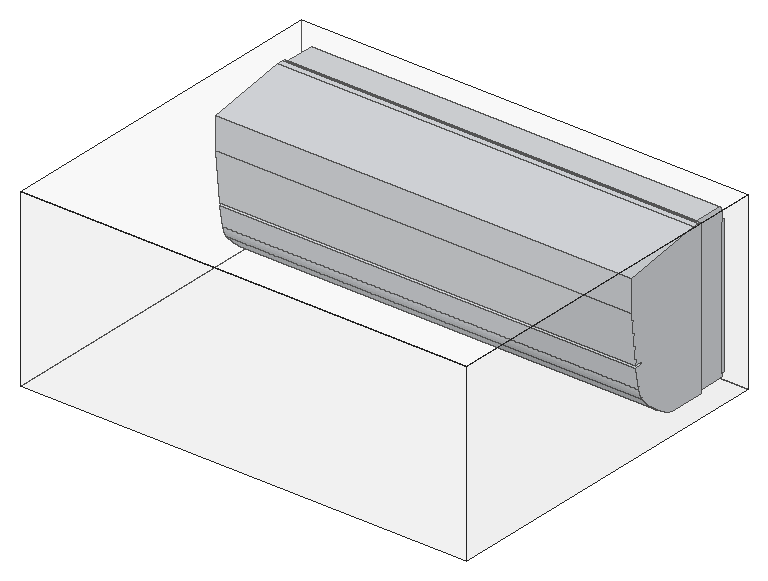
Revit family "msz-gv22_5625_50hz", category 機械設備, Revit 2019
Family settings
  丸型コネクタ寸法 = 直径を使用
  パーツ タイプ = 標準
  OmniClass 番号 = 23.75.10.24.21.27.27
  OmniClass タイトル = Split System Air Conditioning Units
  作業面ベース = いいえ
  常に垂直 = はい
  ロード時にボイドで切り取り = いいえ
  共有 = いいえ
  部屋計算ポイント = いいえ
Parameters (values of type "壁掛_MSZ-GV2225-T-IN")
  風量 = MAX風量  # 635.0 m³/h
  音響パワーレベル(dB) = if([運転音(強冷房)  db] > [運転音(強暖房)  db], [運転音(強冷房)  db], [運転音(強暖房)  db])  # 64
  電源種別 = ""
  電圧_電気ヒーター = 0 V
  電圧 = 100 V
  電動機出力_送風機 = 28.00 W
  運転音(強暖房)  db = 64
  運転音(強冷房)  db = 62
  運転音(弱暖房)  db = 43
  運転音(静冷房)  db = 41
  運転音(弱冷房)  db = 43
  運転音(中暖房)  db = 50
  運転音(中冷房)  db = 51
  運転質量 = 0.00 kg
  連動 = ""
  質量 = if(製品質量 > 運転質量, 製品質量, 運転質量) * 1.2  # 9.60 kg
  負荷分類 = 1 熱源類
  説明 = "ルームエアコン(霧ヶ峰) 　GVシリーズ　室内ユニット"
  設計暖房能力 [instance] = 0.00 kW
  設計冷房能力_顕熱 [instance] = 0 kW
  設計冷房能力 [instance] = 0 kW
  設置方法 = "壁掛 (露出)形"
  記号 [instance] = ""
  製造元 = "三菱電機株式会社"
  製品質量 = 8.00 kg
  製品出荷対象 = "国内"
  製品リリース年月 = "-"
  製品グループ = ""
  系統 [instance] = ""
  符号 = "ACR-WR"
  積算_科目 = "1 空気調和設備"
  積算_拾い区分 [instance] = ""
  相_電気ヒーター = 1
  相 = 1
  盤記号 [instance] = ""
  発停方法 = "付属スイッチ"
  特殊仕様 [instance] = ""
  火災停止 = ""
  消費電力_暖房 = 470.00 W
  消費電力_冷房 = 655.00 W
  消費電力 = 655.00 W
  法定耐用年数 = "6"
  構成品番 = ""
  極数 = 1
  材質 = ""
  本体マテリアル = none
  暖房能力 = 2.20 kW
  暖房 風量 = 635.0 m³/h
  推奨ブレーカー容量 = 0 A
  形式 = "壁掛（露出）形"
  幹線記号 = ""
  始動方式 = "直入"
  呼称 = "パッケージ形空気調和機_室内機"
  周波数 = 50 Hz
  台数_手元リモコン = ""
  参照している仕様書等のバージョン = "公共建築物標準仕様書（機械設備工事編）平成31年度版"
  加湿給水管径 = 0.00 mm
  分類コード = "50053004203000"
  分類グループ = ""
  冷房能力 = 2.2 kW
  冷房 風量 = 635.0 m³/h
  冷媒高低圧ガス管径 = 0.00 mm
  冷媒管径符号 = "Ab"
  冷媒管径 = 100.00 mm
  冷媒液管高さ = 126 mm
  冷媒液管長さ = 85 mm
  冷媒液管径 = 6.35 mm
  冷媒ガス管高さ = 126 mm
  冷媒ガス管長さ = 86 mm
  冷媒ガス管径 = 9.52 mm
  企業コード = "108420"
  付属品 [instance] = ""
  仕様書バージョン = "Version1.0"
  モデル = "MSZ-GV2225-T-IN"
  ドレン管高さ = 190 mm
  ドレン管径 = 16.00 mm
  サービススペース = yes
  コメント [instance] = ""
  【値が 0 の項目は組合せ形名にてご確認ください】 = ""
  Width = 799 mm
  Version = ""
  Uniclass2015Version = "Systems v1.9"
  Uniclass2015Title = "Split coil remote air cooled condensing units"
  Uniclass2015Code = "Pr_70_65_03_84"
  URL = "https://www.mitsubishielectric.co.jp/ldg/wink/"
  SpecificationReference = ""
  SpecificationDescription = ""
  Revision = ""
  ProductInformation = ""
  OmniClassCode = "23-33 17 13 11"
  MAX風量 = 635.0 m³/h
  IfcTypeProduct = ""
  IfcProduct = ""
  IfcExportType = "AIRCONDITIONINGUNIT"
  IfcExportAs = "IfcUnitaryEquipmentType"
  Height = 295 mm
  Depth = 225 mm
  Clearance Top = 33 mm
  Clearance Right = 40 mm
  Clearance Left = 20 mm
  Clearance Front = 445 mm
  Clearance Bottom = 7 mm
  Clearance Back = 0 mm
  COP = 0
  Author = "三菱電機株式会社"
  APF = 0
Types (13, lengths in mm): name | 風量 | 音響パワーレベル(dB) | 電圧 | 電動機出力_送風機 | 運転音(強暖房)  db | 運転音(強冷房)  db | 運転音(弱暖房)  db | 運転音(静冷房)  db | 運転音(弱冷房)  db | 運転音(中暖房)  db | 運転音(中冷房)  db | 質量 | 製品質量 | 消費電力_暖房 | 消費電力_冷房 | 消費電力 | 暖房能力 | 暖房 風量 | 冷房能力 | 冷房 風量 | モデル | MAX風量 | Clearance Front
  (no name) | 635.0 m³/h | 64 | 100 V | 28.00 W | 64 | 62 | 43 | 41 | 43 | 50 | 51 | 9.60 kg | 8.00 kg | 470.00 W | 655.00 W | 655.00 W | 2.20 kW | 635.0 m³/h | 2.2 kW | 635.0 m³/h | "MSZ-GV2225-T-IN" | 635.0 m³/h | 445
  壁掛_MSZ-GV2225-W-IN | 635.0 m³/h | 64 | 100 V | 28.00 W | 64 | 62 | 43 | 41 | 43 | 50 | 51 | 9.60 kg | 8.00 kg | 470.00 W | 655.00 W | 655.00 W | 2.20 kW | 635.0 m³/h | 2.2 kW | 635.0 m³/h | "MSZ-GV2225-W-IN" | 635.0 m³/h | 445
  壁掛_MSZ-GV2525-W-IN | 655.0 m³/h | 64 | 100 V | 28.00 W | 64 | 63 | 43 | 41 | 43 | 50 | 51 | 10.80 kg | 9.00 kg | 625.00 W | 745.00 W | 745.00 W | 2.80 kW | 655.0 m³/h | 2.5 kW | 635.0 m³/h | "MSZ-GV2525-W-IN" | 655.0 m³/h | 445
  壁掛_MSZ-GV2825-W-IN | 665.0 m³/h | 64 | 100 V | 28.00 W | 64 | 63 | 43 | 41 | 43 | 50 | 51 | 10.80 kg | 9.00 kg | 910.00 W | 800.00 W | 910.00 W | 3.60 kW | 650.0 m³/h | 2.8 kW | 665.0 m³/h | "MSZ-GV2825-W-IN" | 665.0 m³/h | 445
  壁掛_MSZ-GV3625-W-IN | 670.0 m³/h | 64 | 100 V | 28.00 W | 64 | 64 | 47 | 41 | 47 | 53 | 54 | 10.80 kg | 9.00 kg | 1215.00 W | 1415.00 W | 1415.00 W | 4.20 kW | 660.0 m³/h | 3.6 kW | 670.0 m³/h | "MSZ-GV3625-W-IN" | 670.0 m³/h | 445
  壁掛_MSZ-GV4025S-W-IN | 670.0 m³/h | 66 | 200 V | 40.00 W | 65 | 66 | 47 | 44 | 47 | 54 | 54 | 10.80 kg | 9.00 kg | 1480.00 W | 1660.00 W | 1660.00 W | 5.00 kW | 660.0 m³/h | 4 kW | 670.0 m³/h | "MSZ-GV4025S-W-IN" | 670.0 m³/h | 445
  壁掛_MSZ-GV5625S-W-IN | 785.0 m³/h | 67 | 200 V | 40.00 W | 67 | 66 | 47 | 45 | 47 | 54 | 54 | 10.80 kg | 9.00 kg | 1980.00 W | 2380.00 W | 2380.00 W | 6.70 kW | 725.0 m³/h | 5.6 kW | 785.0 m³/h | "MSZ-GV5625S-W-IN" | 785.0 m³/h | 215
  壁掛_MSZ-GV2225-T-IN | 635.0 m³/h | 64 | 100 V | 28.00 W | 64 | 62 | 43 | 41 | 43 | 50 | 51 | 9.60 kg | 8.00 kg | 470.00 W | 655.00 W | 655.00 W | 2.20 kW | 635.0 m³/h | 2.2 kW | 635.0 m³/h | "MSZ-GV2225-T-IN" | 635.0 m³/h | 445
  壁掛_MSZ-GV2525-T-IN | 655.0 m³/h | 64 | 100 V | 28.00 W | 64 | 63 | 43 | 41 | 43 | 50 | 51 | 10.80 kg | 9.00 kg | 625.00 W | 745.00 W | 745.00 W | 2.80 kW | 655.0 m³/h | 2.5 kW | 635.0 m³/h | "MSZ-GV2525-T-IN" | 655.0 m³/h | 445
  壁掛_MSZ-GV2825-T-IN | 665.0 m³/h | 64 | 100 V | 28.00 W | 64 | 63 | 43 | 41 | 43 | 50 | 51 | 10.80 kg | 9.00 kg | 910.00 W | 800.00 W | 910.00 W | 3.60 kW | 650.0 m³/h | 2.8 kW | 665.0 m³/h | "MSZ-GV2825-T-IN" | 665.0 m³/h | 445
  壁掛_MSZ-GV3625-T-IN | 670.0 m³/h | 64 | 100 V | 28.00 W | 64 | 64 | 47 | 41 | 47 | 53 | 54 | 10.80 kg | 9.00 kg | 1215.00 W | 1415.00 W | 1415.00 W | 4.20 kW | 660.0 m³/h | 3.6 kW | 670.0 m³/h | "MSZ-GV3625-T-IN" | 670.0 m³/h | 445
  壁掛_MSZ-GV4025S-T-IN | 670.0 m³/h | 66 | 200 V | 40.00 W | 65 | 66 | 47 | 44 | 47 | 54 | 54 | 10.80 kg | 9.00 kg | 1480.00 W | 1660.00 W | 1660.00 W | 5.00 kW | 660.0 m³/h | 4 kW | 670.0 m³/h | "MSZ-GV4025S-T-IN" | 670.0 m³/h | 445
  壁掛_MSZ-GV5625S-T-IN | 785.0 m³/h | 67 | 200 V | 40.00 W | 67 | 66 | 47 | 45 | 47 | 54 | 54 | 10.80 kg | 9.00 kg | 1980.00 W | 2380.00 W | 2380.00 W | 6.70 kW | 725.0 m³/h | 5.6 kW | 785.0 m³/h | "MSZ-GV5625S-T-IN" | 785.0 m³/h | 215
Reference planes
  plane 1 "中心(正面/背面)": y = 222.5
  plane 2: z = 0
  plane 3 "中心(左/右)": x = 0
  plane 4: z = 295
  plane 5: y = 340
  plane 6: y = 110
  plane 7: x = -399.5
  plane 8: x = 399.5
  plane 9: x = -419.5
  plane 10: x = 439.5
  plane 11: y = 340
  plane 12: y = -335
  plane 13: z = 328
  plane 14: z = -7
  plane 15: y = 335
  plane 16: x = 400.5
  plane 17: x = 300
Lines and regions (mm)
  Masking region 1, detail levels coarse+medium
    outline origin (0, 0, 0) x (1, 0, 0) y (0, 1, 0)
      loop
        line (-399.5, 340) -> (-399.5, 110) -> (399.5, 110) -> (399.5, 340) -> (-399.5, 340)
  symbolic lines, detail levels coarse+medium
    curve 1: line (-399.5, 340, 0) -> (399.5, 340, 0)
    curve 2: line (-399.5, 110, 0) -> (-399.5, 340, 0)
    curve 3: line (399.5, 110, 0) -> (-399.5, 110, 0)
    curve 4: line (399.5, 340, 0) -> (399.5, 110, 0)
Dimensions and locks
  equal spacing: plane 7, plane 3 "中心(左/右)", plane 8
  "Width": plane 7 to plane 8
  "Clearance Back": plane 5 to plane 11
  "Clearance Front": plane 12 to plane 6
  "Clearance Right": plane 8 to plane 10
  "Clearance Left": plane 9 to plane 7
  "Height": plane 4 to level
  "Clearance Bottom": level to plane 14
  "Clearance Top": plane 13 to plane 4
  locked: plane 15 to plane 5 at 5
  equal spacing: plane 6, plane 1 "中心(正面/背面)", plane 15
  "Depth": plane 6 to plane 15
  locked: plane 8 to plane 16 at 1
  plane 12 to plane 11 = 675 mm
  aligned and locked: level to plane 2
  aligned and locked: plane 9 to nested 1
  aligned and locked: plane 10 to nested 1
  aligned and locked: plane 12 to nested 1
  aligned and locked: plane 11 to nested 1
  aligned and locked: plane 13 to nested 1
  aligned and locked: plane 3 "中心(左/右)" to nested 2
  aligned and locked: plane 14 to nested 1
  aligned and locked: plane 5 to nested 2
  aligned and locked: Masking region 1 sketch curve to plane 8
  aligned and locked: plane 7 to Masking region 1 sketch curve
  aligned and locked: plane 5 to Masking region 1 sketch curve
  aligned and locked: Masking region 1 sketch curve to plane 6
  aligned and locked: curve 4 to plane 8
  aligned and locked: plane 7 to curve 2
  aligned and locked: curve 3 to plane 6
  aligned and locked: plane 5 to curve 1
Nested families
  nested 1: "サービススペース_MSZ-GV22-5623" at (10, 2.5, 160.5), visible <- "サービススペース", type "サービススペース_MSZ-GV22-5623"
    with Width 859 mm, Height 335 mm, Depth 675 mm
  nested 2: "MSZ-GV○○-○○-IN" at (0, 340, 0), type "MSZ-GV○○-○○-IN"
Connectors
  piping at (300, 340, 55), diameter 100, driven by "冷媒管径", driven by "冷媒管径符号"
    settings: on nested 2, index 1, connector inside diameter 609.60 mm, connector length 0 mm, flow factor 0, pipe flow 0.0 L/s, pressure drop 0.0 Pa, fitting loss kfactor 0, connector angle 0.00°, fixture units 0, engagement length 0 mm, angle of deflection 0.00°, flow configuration 1, flow direction 2, fitting loss method 4, system type 7, joint type 0, gender type 0, connector reference index -1, connector utility 0, adjustable connector no, is connector primary yes, connector description "Ab"
  piping at (300, 340, 25), diameter 16, driven by "ドレン管径"
    settings: on nested 2, index 2, connector inside diameter 609.60 mm, connector length 0 mm, flow factor 0, pipe flow 0.0 L/s, pressure drop 0.0 Pa, fitting loss kfactor 0, connector angle 0.00°, fixture units 0, engagement length 0 mm, angle of deflection 0.00°, flow configuration 1, flow direction 2, fitting loss method 4, system type 16, joint type 0, gender type 0, connector reference index -1, connector utility 0, adjustable connector no, is connector primary no, connector description ""
  electrical at (350, 170, 215), driven by "極数", driven by "負荷分類", driven by "電圧", driven by "消費電力"
    settings: on nested 2, index 5, voltage 100 V, apparent load 655 VA, apparent load phase1 0 VA, apparent load phase2 0 VA, apparent load phase3 0 VA, power factor 1, load classification "1 熱源類", number of poles 1, system type 30, power factor state 1, is connector primary yes, connector utility no, sub classification motor no, connector description ""
Definition of nested family "サービススペース_MSZ-GV22-5623"
  Parameters (values of type "サービススペース")
    Width [instance] = 500 mm
    Height [instance] = 500 mm
    Depth [instance] = 500 mm
  Reference planes
    plane 1 "中心(正面/背面)": y = 0
    plane 2: z = 0
    plane 3 "中心(左/右)": x = 0
    plane 4: y = -250
    plane 5: x = 250
    plane 6: y = 250
    plane 7: x = -250
    plane 8: z = 250
    plane 9: z = -250
  Forms (mm)
    Extrusion 1, solid
      sketch origin (-638.939, 0, 72.39) x (1, 0, 0) y (0, 1, 0)
        loop
          line (388.939, 250) -> (388.939, -250) -> (888.939, -250) -> (888.939, 250) -> (388.939, 250)
      from -322.39 to 177.61
  Lines and regions (mm)
    symbolic lines
      curve 1: line (-250, 0, 250) -> (250, 0, 250)
      curve 2: line (-250, 0, -250) -> (-250, 0, 250)
      curve 3: line (250, 0, -250) -> (-250, 0, -250)
      curve 4: line (250, 0, 250) -> (250, 0, -250)
      curve 5: line (0, -250, 250) -> (0, 250, 250)
      curve 6: line (0, -250, -250) -> (0, -250, 250)
      curve 7: line (0, 250, -250) -> (0, -250, -250)
      curve 8: line (0, 250, 250) -> (0, 250, -250)
      curve 9: line (-250, 250, 0) -> (250, 250, 0)
      curve 10: line (-250, -250, 0) -> (-250, 250, 0)
      curve 11: line (250, -250, 0) -> (-250, -250, 0)
      curve 12: line (250, 250, 0) -> (250, -250, 0)
  Dimensions and locks
    equal spacing: plane 7, plane 3 "中心(左/右)", plane 5
    equal spacing: plane 4, plane 1 "中心(正面/背面)", plane 6
    "Depth": plane 4 to plane 6
    "Width": plane 7 to plane 5
    equal spacing: plane 8, plane 2, plane 9
    "Height": plane 8 to plane 9
    aligned and locked: plane 9 to curve 3
    aligned and locked: plane 7 to curve 2
    aligned and locked: curve 4 to plane 5
    aligned and locked: plane 5 to Extrusion 1
    aligned and locked: Extrusion 1 to plane 7
    aligned and locked: Extrusion 1 to plane 9
    aligned and locked: plane 8 to Extrusion 1
    aligned and locked: plane 9 to curve 7
  Automatic sketch dimensions
    plane 4 to Extrusion 1 sketch curve = 0 mm
    Extrusion 1 sketch curve to plane 7 = 0 mm
    Extrusion 1 sketch curve to plane 5 = 0 mm
    plane 6 to Extrusion 1 sketch curve = 0 mm
    curve 2 to plane 8 = 0 mm
    plane 4 to curve 11 = 0 mm
    curve 11 to plane 7 = 0 mm
    curve 11 to plane 5 = 0 mm
    plane 6 to curve 10 = 0 mm
    curve 7 to plane 4 = 0 mm
    curve 7 to plane 6 = 0 mm
    curve 6 to plane 8 = 0 mm
Definition of nested family "MSZ-GV○○-○○-IN"
  Parameters (values of type "MSZ-GV○○-○○-IN")
    配線取出口サイズ = 26 mm
    配線取出口-Z = 0 mm
    配線取出口-Y = 0 mm
    配線取出口-X = 0 mm
    表示 [instance] = yes
    液配管サイズ = 100 mm
    H = 295 mm
    D = 225 mm
    吊りボルト_H = 230 mm
    冷媒配管サイズ = 6.35 mm
    冷媒液管径-Z = 0 mm
    冷媒液管径-Y = 0 mm
    冷媒液管径-X = 0 mm
    冷媒ガス管径-Z = 0 mm
    冷媒ガス管径-Y = 0 mm
    冷媒ガス管径-X = 0 mm
    吊りボルト-W = 300 mm
    マテリアル = none
    ドレン配管サイズ = 16 mm
    ドレン管径-Z = 0 mm
    ドレン管径-Y = 0 mm
    ドレン管径-X = 0 mm
    ガス配管サイズ = 9.52 mm
    吊りボルト-D = 200 mm
    W = 799 mm
  Reference planes
    plane 1 "中心(正面/背面)": y = 0
    plane 2: z = 0
    plane 3 "中心(左/右)": x = 0
    plane 4: z = 295
    plane 5: x = -399.5
    plane 6: x = 399.5
    plane 7: y = -230
    plane 8: y = -5
    plane 9: x = 392.5
    plane 10: x = -392.5
    plane 11: y = -23
    plane 12: z = 25
    plane 13: z = 45
    plane 14: z = 65
    plane 15: z = 55
    plane 16: x = 350
    plane 17: x = 393.5
    plane 18: y = -170
    plane 19: z = 215
    plane 20: y = -171
  Forms (mm)
    Extrusion 1, solid, material <- "マテリアル", visible <- "表示", detail levels fine
      sketch origin (399.5, 1296.25, 1200) x (0, 1, 0) y (0, 0, 1)
        loop
          line (-1361.25, -905) -> (-1366.084, -905)
          arc (-1366.084, -905) -> (-1371.503, -905.1) -> (-1376.915, -905.401) r 146.284
          arc (-1376.915, -905.401) -> (-1452.131, -914.37) -> (-1526.25, -930) r 850.001
          line (-1526.25, -930) -> (-1526.25, -989.75)
          arc (-1526.25, -989.75) -> (-1523.968, -1036.991) -> (-1517.141, -1083.791) r 490
          line (-1517.141, -1083.791) -> (-1502.319, -1081.522) -> (-1501.562, -1086.464) -> (-1516.32, -1088.918) -> (-1509.396, -1127.328)
          arc (-1509.396, -1127.328) -> (-1505.888, -1138.744) -> (-1499.774, -1149.003) r 50
          arc (-1499.774, -1149.003) -> (-1475.445, -1174.399) -> (-1446.288, -1194.065) r 165.075
          arc (-1446.288, -1194.065) -> (-1437.659, -1197.419) -> (-1428.49, -1198.699) r 40
          line (-1428.49, -1198.699) -> (-1371.251, -1200) -> (-1361.25, -1200) -> (-1361.25, -905)
      from -799 to 0
    Extrusion 2, solid, material <- "マテリアル", visible <- "表示", detail levels fine
      sketch origin (399.5, 1296.25, 1200) x (0, 1, 0) y (0, 0, 1)
        loop
          line (-1361.25, -1200) -> (-1301.25, -1200) -> (-1301.25, -911.805) -> (-1305.18, -905) -> (-1361.25, -905) -> (-1361.25, -1200)
      from -792 to -7
    Extrusion 3, solid, material <- "マテリアル", visible <- "表示", detail levels fine
      sketch origin (399.5, 1296.25, 1200) x (0, 1, 0) y (0, 0, 1)
        loop
          line (-1301.25, -1192) -> (-1296.25, -1192) -> (-1296.25, -930) -> (-1301.25, -930) -> (-1301.25, -1192)
      from -792 to -7
    Extrusion 4, solid, material <- "マテリアル", visible <- "表示", detail levels fine
      sketch origin (-1019.25, 6, 1200) x (-1, 0, 0) y (0, 0, 1)
        loop
          circle (-1319.25, -1175) r 8
      from -7 to -6
    Extrusion 5, solid, material <- "マテリアル", visible <- "表示", detail levels fine
      sketch origin (-1019.25, 6, 1200) x (-1, 0, 0) y (0, 0, 1)
        loop
          circle (-1319.25, -1155) r 3.175
      from -7 to -6
    Extrusion 6, solid, material <- "マテリアル", visible <- "表示", detail levels fine
      sketch origin (-1019.25, 6, 1200) x (-1, 0, 0) y (0, 0, 1)
        loop
          circle (-1319.25, -1135) r 4.76
      from -7 to -6
    Extrusion 7, solid, material <- "マテリアル", visible <- "表示", detail levels fine
      sketch origin (-1019.25, 6, 1200) x (-1, 0, 0) y (0, 0, 1)
        loop
          circle (-1319.25, -1145) r 15
      from -7 to -6
    Extrusion 8, solid, material <- "マテリアル", visible <- "表示", detail levels fine
      sketch origin (0, 0, 0) x (1, 0, 0) y (0, 0, 1)
        loop
          line (349, 216) -> (349, 214) -> (351, 214) -> (351, 216) -> (349, 216)
      from 170 to 171
  Dimensions and locks
    equal spacing: plane 5, plane 3 "中心(左/右)", plane 6
    "W": plane 5 to plane 6
    "H": plane 4 to level
    locked: plane 8 to plane 1 "中心(正面/背面)" at 5
    "D": plane 7 to plane 8
    locked: plane 5 to plane 10 at 7
    locked: plane 9 to plane 6 at 7
    plane 11 to plane 8 = 18 mm
    plane 12 to level = 25 mm
    plane 13 to level = 45 mm
    plane 14 to level = 65 mm
    equal spacing: plane 14, plane 15, plane 13
    locked: plane 9 to plane 17 at 1
    plane 3 "中心(左/右)" to plane 16 = 350 mm
    plane 18 to plane 1 "中心(正面/背面)" = 170 mm
    plane 4 to plane 19 = 80 mm
    locked: plane 20 to plane 18 at 1
    "ドレン配管サイズ": diameter of Extrusion 4 sketch curve
    "冷媒配管サイズ": diameter of Extrusion 5 sketch curve
    "ガス配管サイズ": diameter of Extrusion 6 sketch curve
    aligned and locked: level to plane 2
    aligned and locked: Extrusion 1 sketch curve to plane 7
    aligned and locked: Extrusion 1 sketch curve to level
    aligned and locked: Extrusion 1 sketch curve to plane 4
    aligned and locked: Extrusion 1 to plane 5
    aligned and locked: plane 6 to Extrusion 1
    aligned and locked: Extrusion 2 sketch curve to plane 8
    aligned and locked: Extrusion 2 sketch curve to level
    aligned and locked: Extrusion 2 sketch curve to plane 4
    aligned and locked: Extrusion 2 to plane 10
    aligned and locked: plane 9 to Extrusion 2
    aligned and locked: Extrusion 3 sketch curve to plane 8
    aligned and locked: Extrusion 3 sketch curve to plane 1 "中心(正面/背面)"
    aligned and locked: Extrusion 3 to plane 10
    aligned and locked: plane 9 to Extrusion 3
    aligned and locked: plane 12 to Extrusion 4 sketch curve
    aligned and locked: plane 13 to Extrusion 5 sketch curve
    aligned and locked: plane 14 to Extrusion 6 sketch curve
    aligned and locked: plane 15 to Extrusion 7 sketch curve
    aligned and locked: plane 20 to Extrusion 8
    aligned and locked: Extrusion 8 to plane 18
  Automatic sketch dimensions
    Extrusion 8 sketch curve to plane 16 = 1 mm
    plane 19 to Extrusion 8 sketch curve = 1 mm
    Extrusion 8 sketch curve to plane 19 = 1 mm
    plane 16 to Extrusion 8 sketch curve = 1 mm
    Extrusion 1 sketch curve to plane 7 = 9.109 mm
    Extrusion 1 sketch curve to Extrusion 1 sketch curve = 0.821 mm
    plane 14 to Extrusion 1 sketch curve = 7.672 mm
    Extrusion 1 sketch curve to plane 7 = 16.855 mm
    Extrusion 1 sketch curve to Extrusion 1 sketch curve = 14.823 mm
    Extrusion 1 sketch curve to Extrusion 1 sketch curve = 0.757 mm
    Extrusion 1 sketch curve to plane 18 = 6.061 mm
    level to Extrusion 1 sketch curve = 1.301 mm
    Extrusion 1 sketch curve to plane 18 = 37.761 mm
    Extrusion 1 sketch curve to plane 13 = 3.709 mm
    Extrusion 1 sketch curve to Extrusion 1 sketch curve = 0.909 mm
    plane 11 to Extrusion 1 sketch curve = 49.834 mm
    plane 11 to Extrusion 1 sketch curve = 46.833 mm
    Extrusion 1 sketch curve to Extrusion 1 sketch curve = 10.001 mm
    Extrusion 1 sketch curve to plane 11 = 5.269 mm
    Extrusion 1 sketch curve to plane 19 = 4.75 mm
    Extrusion 1 sketch curve to plane 1 "中心(正面/背面)" = 260 mm
    Extrusion 1 sketch curve to level = 553.069 mm
    Extrusion 1 sketch curve to Extrusion 1 sketch curve = 8.871 mm
    Extrusion 1 sketch curve to Extrusion 1 sketch curve = 2.454 mm
    Extrusion 1 sketch curve to Extrusion 1 sketch curve = 4.942 mm
    Extrusion 1 sketch curve to plane 19 = 66.284 mm
    Extrusion 1 sketch curve to Extrusion 1 sketch curve = 3.128 mm
    Extrusion 1 sketch curve to plane 4 = 25 mm
    Extrusion 1 sketch curve to Extrusion 1 sketch curve = 0 mm
    plane 8 to Extrusion 2 sketch curve = 3.929 mm
    plane 11 to Extrusion 2 sketch curve = 42 mm
    Extrusion 2 sketch curve to plane 4 = 6.805 mm
    level to Extrusion 3 sketch curve = 8 mm
    Extrusion 3 sketch curve to plane 4 = 25 mm
    Extrusion 7 sketch curve to plane 16 = 50 mm
    Extrusion 4 sketch curve to plane 16 = 50 mm
    Extrusion 5 sketch curve to plane 16 = 50 mm
    Extrusion 6 sketch curve to plane 16 = 50 mm
    radius of Extrusion 7 sketch curve = 15 mm
